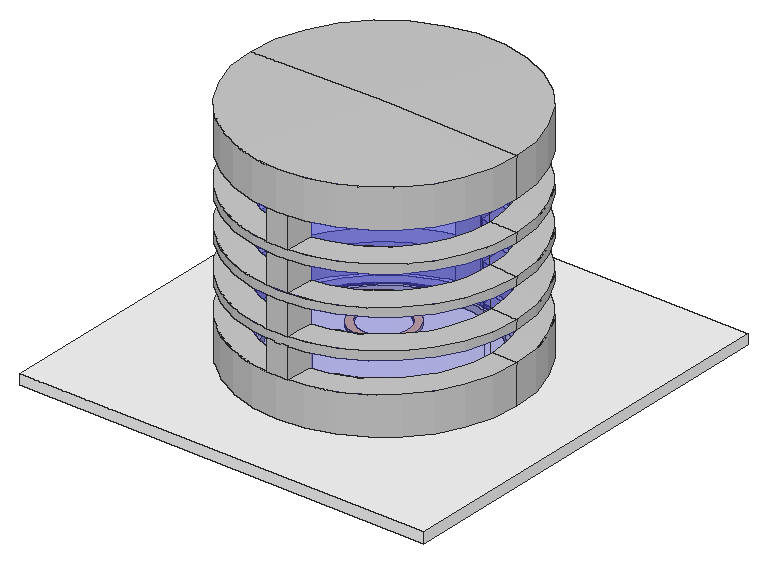
Revit family "BE_99777_de_DE", category Leuchten, Revit 2015
Parameters (values of type "BEGA_99777_Silber_K3")
  built-in parameter 1150104 = 12.482 (stored number, unit not read)
  Werkzeuglos = ""
  Wattage = 29.4 W
  Default Elevation = 0 mm
  built-in parameter 1150113 = 1 (stored number, unit not read)
  built-in parameter 1114218 = 1 (stored number, unit not read)
  Umgebungstemperatur = "25 °C"
  URL = "http://www.bega.de/produkt/99777"
  Typenkommentare = "© 2015 BEGA. Wir behalten uns das Recht vor, technische Änderungen ohne vorherige Ankündigung vorzunehmen."  # constant formula
  Type Image = 99777.png
  built-in parameter 1150134 = (empty or 0)
  built-in parameter 1150109 = 1 (stored number, unit not read)
  Strom = ""
  built-in parameter 1150110 = 1 (stored number, unit not read)
  Spannung = 0 V
  Sonderanfertigung = no
  Seriennummer [instance] = "Hier können Sie die eindeutige Seriennummer für das Facility Management eintragen."
  Schutzklasse = "I"
  Schutzart = "IP 65"
  Scheinlast = 0 VA
  Produktdatenblatt = "http://www.bega.de/download/datenblaetter/de/99777.pdf"
  Oberflächentemperatur = ""
  Neigungswinkel = 0.00°
  Modell = "99777A"
  Material_18 = BEGA_Gummi_schwarz
  Material_17 = BEGA_Reflektor
  Material_15 = BEGA_Leuchtmedium_matt
  Material_11 = BEGA_Glas_opal
  Material_06 = BEGA_Oberfläche_Edelstahl_gebürstet
  Material_02 = BEGA_Oberfläche_Silber_matt
  Material_01 [instance] = BEGA_Oberfläche_Grafit_matt
  M_G = no
  M_A = yes
  Logo = 0
  built-in parameter 1114217 = 1 (stored number, unit not read)
  built-in parameter 1150139 = (empty or 0)
  built-in parameter 1150105 = 314.32 (stored number, unit not read)
  built-in parameter 1150114 = 1 (stored number, unit not read)
  Lumens = 3949.89 lm
  built-in parameter 1150115 = 1 (stored number, unit not read)
  Leuchtenlichtstrom = "768 lm"
  Leuchtenanzahl = ""
  Lebensdauerkriterien = "L70 = 50.000 h"
  Lastklassifizierung = Beleuchtung
  built-in parameter 1150112 = 1 (stored number, unit not read)
  Lampenlichtstrom = "3950 lm"
  Lampe = "LED 29.4 W"
  LED_Modulbezeichnung = "LED-0556/830"
  built-in parameter 1150142 = (empty or 0)
  Hersteller = "BEGA"  # constant formula
  Gewicht = ""
  Gebrauchslageneinschränkung [instance] = ""
  Frequenz = "0/50-60 Hz"
  Farbwiedergabeindex = "Ra > 80"
  Farbtemperaturverschiebung bei Dämpfen der Lampe = <Keine Auswahl>
  Farbtemperatur = "3000 K"
  Color Filter = 16777215
  built-in parameter 1150133 = 10 (stored number, unit not read)
  Energieeffizienzklasse = "LED A++ - A"
  built-in parameter 1150137 = (empty or 0)
  built-in parameter 1150132 = (empty or 0)
  ENEC = ""
  Datei für fotometrisches Netz = "BE_99777.IES"
  CE_Konformität = "ja"
  Bestellnummer = "99777A"
  Beschreibung_Sonderanfertigung = "Hier können Sie Informationen zur Sonderanfertigung eintragen."
  Beschreibung = "Pollerleuchtenkopf"
  built-in parameter 1150106 = 3.1432 (stored number, unit not read)
  BEGA_Intern_aus = yes
  BEGA_Intern_an = yes
  BEGA_Intern_Konstruktion = yes
  BEGA_Intern = yes
  BEGA_IES = yes
  BEGA_Dummy = no
  Anschlussleistung [instance] = "1.0 m X05BQ-F 5 G 1²"
  built-in parameter 1150107 = 3000 (stored number, unit not read)
  built-in parameter 1150102 = (empty or 0)
  built-in parameter 1150138 = (empty or 0)
  Aktualisierung = "2015-12-08T04:08:23"
  AC/DC = "AC/DC"
Types (5, lengths in mm): name | built-in parameter 1150134 | Modell | M_G | M_A | LED_Modulbezeichnung | Farbtemperatur | Datei für fotometrisches Netz | Bestellnummer | built-in parameter 1150107
  (no name) | (empty or 0) | "99777A" | no | yes | "LED-0556/830" | "3000 K" | "BE_99777.IES" | "99777A" | 3000 (stored number, unit not read)
  BEGA_99777_Silber_K4 | 12 | "99777AK4" | no | yes | "LED-0556/840" | "4000 K" | "BE_99777K4.IES" | "99777AK4" | 4000 (stored number, unit not read)
  BEGA_99777_Grafit_K4 | 12 | "99777K4" | yes | no | "LED-0556/840" | "4000 K" | "BE_99777K4.IES" | "99777K4" | 4000 (stored number, unit not read)
  BEGA_99777_Silber_K3 | (empty or 0) | "99777A" | no | yes | "LED-0556/830" | "3000 K" | "BE_99777.IES" | "99777A" | 3000 (stored number, unit not read)
  BEGA_99777_Grafit_K3 | (empty or 0) | "99777" | yes | no | "LED-0556/830" | "3000 K" | "BE_99777.IES" | "99777" | 3000 (stored number, unit not read)
Reference planes
  plane 1 "Mitte (Vorne/Hinten)": y = 0
  plane 2: z = 0
  plane 3 "Mitte (Links/Rechts)": x = 0
  plane 4 "Links": x = -132
  plane 5 "Rechts": x = 132
  plane 6 "Unten": y = -132.003
  plane 7 "Oben": y = 132
  plane 8 "Vorne": z = 225
  plane 9 "Hinten": z = -133.75
Forms (mm)
  Extrusion 1, solid, material "BEGA_Platte_Weiss"
    sketch origin (0, -1119.2, 0) x (1, 0, 0) y (0, 1, 0)
      loop
        line (-200, 1319.2) -> (-200, 919.2) -> (200, 919.2) -> (200, 1319.2) -> (-200, 1319.2)
    from 0 to -10
  Extrusion 2, solid, material "BEGA_Dummy_matt", visible <- "BEGA_Dummy"
    sketch origin (77.149, -76.023, 0) x (1, 0, 0) y (0, 1, 0)
      loop
        circle (-77.149, 76.023) r 132.029
    from -133.75 to 224.104
Dimensions and locks
  plane 1 "Mitte (Vorne/Hinten)" to Extrusion 1 = 200 mm
  aligned and locked: plane 2 to Extrusion 1
  aligned and locked: level to Extrusion 1
Nested families
  nested 1: "BE_99777_Pollerkopf" at (0, 0, 0), type "BE_99777_Pollerkopf"
    with BEGA_Infotext_Winkel no
Connectors
  electrical at (0, 0, 0), driven by "Lastklassifizierung", driven by "Spannung", driven by "Scheinlast"
    settings: index 1, voltage 0 V, apparent load 0 VA, apparent load phase1 0 VA, apparent load phase2 0 VA, apparent load phase3 0 VA, power factor 1, load classification "Beleuchtung", number of poles 1, system type 31, power factor state 1, is connector primary yes, connector utility no, sub classification motor no, connector description ""
Definition of nested family "BE_99777_Pollerkopf"
  Parameters (values of type "BE_99777_Pollerkopf")
    Default Elevation = 1 mm
    URL = "http://www.bega.de/de/produkt"
    Type Comments = "© 2015 BEGA. Wir behalten uns das Recht vor, technische Änderungen ohne vorherige Ankündigung vorzunehmen. "  # constant formula
    Type Image = Bega_Revit_Typenbild_78x78.png
    Material_18 = none
    Material_15 = none
    Material_11 = none
    Material_02 = none
    Material_01 = none
    M_G = yes
    M_A = yes
    Länge_Platte = 300 mm  # constant formula
    Höhe_Platte = -10 mm  # constant formula
    Manufacturer = "BEGA"  # constant formula
    Breite_Platte = 300 mm  # constant formula
    BEGA_Infotext_Winkel [instance] = no
    Aktualisierung = "Stand: 25.03.2015"  # constant formula
  Reference planes
    plane 1 "Mitte (Oben/Unten)": y = 0
    plane 2: z = 0
    plane 3 "Mitte (Links/Rechts)": x = 0
    plane 4: x = -132
    plane 5: x = 132
    plane 6: z = 224.104
    plane 7: y = -132.003
    plane 8: y = 132
    plane 9: z = -133.75
  Forms (mm)
    Extrusion 1, solid, detail levels medium
      sketch origin (0, 0, 0) x (1, 0, 0) y (0, 1, 0)
        loop
          line (-150, 150) -> (-150, -150) -> (150, -150) -> (150, 150) -> (-150, 150)
      from 0 to -10 <- "Höhe_Platte"
    Revolve 2, solid, material <- "Material_01", visible <- "M_G", detail levels medium+fine
      sketch origin (0, 0, 0) x (1, 0, 0) y (0, 0, 1)
        loop
          line (0, 223.804) -> (-132, 221.5) -> (-132, 183.5) -> (-105.376, 182.57) -> (-105.055, 205.556)
          arc (-105.055, 205.556) -> (-103.865, 208.347) -> (-101.058, 209.5) r 4
          line (-101.058, 209.5) -> (-86.85, 209.5) -> (-86.675, 214.5) -> (0, 214.5) -> (0, 223.804)
        loop
          line (-105.769, 154.416) -> (-132, 153.5) -> (-132, 145) -> (-105.913, 144.089) -> (-105.769, 154.416)
        loop
          line (-106.307, 115.897) -> (-132, 115) -> (-132, 106.5) -> (-106.451, 105.608) -> (-106.307, 115.897)
        loop
          line (-106.845, 77.378) -> (-132, 76.5) -> (-132, 68) -> (-106.988, 67.127) -> (-106.845, 77.378)
        loop
          line (-107.383, 38.86) -> (-132, 38) -> (-132, 0) -> (-128, 0) -> (-126.848, 33) -> (-107.465, 33) -> (-107.383, 38.86)
        axis (0, 223.804) -> (0, 0)
      angle from 0 to 360
    Extrusion 3, solid, material <- "Material_01", visible <- "M_G", detail levels medium+fine
      sketch origin (0, 0, 0) x (1, 0, 0) y (0, 1, 0)
        loop
          line (-10, 131.621) -> (-12.338, 104.897)
          arc (-12.338, 104.897) -> (0, 105.62) -> (12.338, 104.897) r 105.62
          line (12.338, 104.897) -> (10, 131.621)
          arc (10, 131.621) -> (0, 132) -> (-10, 131.621) r 132
        loop
          arc (-10, -131.621) -> (0, -132) -> (10, -131.621) r 132
          line (10, -131.621) -> (12.338, -104.897)
          arc (12.338, -104.897) -> (0, -105.62) -> (-12.338, -104.897) r 105.62
          line (-12.338, -104.897) -> (-10, -131.621)
      from 0 to 183.5
    Revolve 4, solid, material <- "Material_11", detail levels medium+fine
      sketch origin (0, 0, 0) x (1, 0, 0) y (0, 0, 1)
        loop
          arc (-95.929, 196.648) -> (-94.123, 200.793) -> (-89.936, 202.5) r 6
          line (-89.936, 202.5) -> (0, 202.5) -> (0, 208.5) -> (-100.465, 208.5)
          arc (-100.465, 208.5) -> (-102.568, 207.64) -> (-103.464, 205.552) r 3
          line (-103.464, 205.552) -> (-107, 3) -> (-101, 3) -> (-95.929, 196.648)
        axis (0, 208.5) -> (0, 3)
      angle from 0 to 360
    Revolve 5, solid, material <- "Material_01", visible <- "M_G", detail levels medium+fine
      sketch origin (0, 0, 0) x (1, 0, 0) y (0, 0, 1)
        loop
          line (-116.636, -33) -> (-113.865, -30.229) -> (-113.693, -25.5) -> (-98.202, -25.5) -> (-97.592, -42.946)
          arc (-97.592, -42.946) -> (-97.273, -43.969) -> (-96.471, -44.681) r 2
          line (-96.471, -44.681) -> (-92.729, -46.5) -> (-89.105, -46.5)
          arc (-89.105, -46.5) -> (-88.411, -46.22) -> (-88.106, -45.537) r 1
          line (-88.106, -45.537) -> (-88.034, -43.464)
          arc (-88.034, -43.464) -> (-87.729, -42.78) -> (-87.034, -42.5) r 1
          line (-87.034, -42.5) -> (-33.611, -42.5) -> (-32.5, -55.2) -> (-29.5, -55.2) -> (-28.389, -42.5) -> (-6, -42.5) -> (-6, -38) -> (-93.163, -38)
          arc (-93.163, -38) -> (-93.857, -37.72) -> (-94.162, -37.036) r 1
          line (-94.162, -37.036) -> (-95.7, 7) -> (-98.621, 7) -> (-98.9, -1) -> (-108, -1) -> (-108.105, 2) -> (-121, 2) -> (-121, -8) -> (-117.5, -8) -> (-117.5, -27.5) -> (-120.5, -30.5) -> (-120.5, -33) -> (-116.636, -33)
        axis (0, 7) -> (0, -55.2)
      angle from 0 to 360
    Revolve 6, solid, material <- "Material_01", visible <- "M_G", detail levels medium+fine
      sketch origin (0, 0, 0) x (1, 0, 0) y (0, 0, 1)
        loop
          line (-33.8, -59.2) -> (-29.3, -59.2) -> (-28.596, -99.544)
          arc (-28.596, -99.544) -> (-27.848, -101.283) -> (-26.096, -102) r 2.5
          line (-26.096, -102) -> (-12.587, -102) -> (-12.5, -107) -> (-7.691, -107) -> (-7.6, -100.2) -> (-24.749, -100.2)
          arc (-24.749, -100.2) -> (-26.151, -99.627) -> (-26.749, -98.235) r 2
          line (-26.749, -98.235) -> (-27.5, -55.2) -> (-33.87, -55.2) -> (-33.8, -59.2)
        axis (0, -55.2) -> (0, -107)
      angle from 0 to 360
    Revolve 7, solid, material <- "Material_18", detail levels medium+fine
      sketch origin (0, 0, 0) x (1, 0, 0) y (0, 0, 1)
        loop
          line (0, -133.75) -> (0, -102) -> (-6.93, -102) -> (-6.93, -107.75) -> (-9.5, -107.75) -> (-9.5, -112.75) -> (-7.6, -112.75) -> (-7.6, -118.25) -> (-9.5, -118.25) -> (-9.5, -128.154) -> (-9.197, -129.55)
          arc (-9.197, -129.55) -> (-7.967, -132.52) -> (-4.997, -133.75) r 4.2
          line (-4.997, -133.75) -> (0, -133.75)
        axis (0, -102) -> (0, -133.75)
      angle from 0 to 360
    Extrusion 8, solid, material <- "Material_15", detail levels medium+fine
      sketch origin (0, 0, 0) x (1, 0, 0) y (0, 1, 0)
        loop
          circle (0, 0) r 30.5
        loop
          circle (0, 0) r 23.629
      from 27 to 29.32
    Revolve 9, solid, material <- "Material_02", visible <- "M_A", detail levels medium+fine
      sketch origin (0, 0, 0) x (1, 0, 0) y (0, 0, 1)
        loop
          line (0, 223.804) -> (-132, 221.5) -> (-132, 183.5) -> (-105.376, 182.57) -> (-105.055, 205.556)
          arc (-105.055, 205.556) -> (-103.865, 208.347) -> (-101.058, 209.5) r 4
          line (-101.058, 209.5) -> (-86.85, 209.5) -> (-86.675, 214.5) -> (0, 214.5) -> (0, 223.804)
        loop
          line (-105.769, 154.416) -> (-132, 153.5) -> (-132, 145) -> (-105.913, 144.089) -> (-105.769, 154.416)
        loop
          line (-106.307, 115.897) -> (-132, 115) -> (-132, 106.5) -> (-106.451, 105.608) -> (-106.307, 115.897)
        loop
          line (-106.845, 77.378) -> (-132, 76.5) -> (-132, 68) -> (-106.988, 67.127) -> (-106.845, 77.378)
        loop
          line (-107.383, 38.86) -> (-132, 38) -> (-132, 0) -> (-128, 0) -> (-126.848, 33) -> (-107.465, 33) -> (-107.383, 38.86)
        axis (0, 223.804) -> (0, 0)
      angle from 0 to 360
    Extrusion 10, solid, material <- "Material_02", visible <- "M_A", detail levels medium+fine
      sketch origin (0, 0, 0) x (1, 0, 0) y (0, 1, 0)
        loop
          line (-10, 131.621) -> (-12.338, 104.897)
          arc (-12.338, 104.897) -> (0, 105.62) -> (12.338, 104.897) r 105.62
          line (12.338, 104.897) -> (10, 131.621)
          arc (10, 131.621) -> (0, 132) -> (-10, 131.621) r 132
        loop
          arc (-10, -131.621) -> (0, -132) -> (10, -131.621) r 132
          line (10, -131.621) -> (12.338, -104.897)
          arc (12.338, -104.897) -> (0, -105.62) -> (-12.338, -104.897) r 105.62
          line (-12.338, -104.897) -> (-10, -131.621)
      from 0 to 183.5
    Revolve 11, solid, material <- "Material_02", visible <- "M_A", detail levels medium+fine
      sketch origin (0, 0, 0) x (1, 0, 0) y (0, 0, 1)
        loop
          line (-116.636, -33) -> (-113.865, -30.229) -> (-113.693, -25.5) -> (-98.202, -25.5) -> (-97.592, -42.946)
          arc (-97.592, -42.946) -> (-97.273, -43.969) -> (-96.471, -44.681) r 2
          line (-96.471, -44.681) -> (-92.729, -46.5) -> (-89.105, -46.5)
          arc (-89.105, -46.5) -> (-88.411, -46.22) -> (-88.106, -45.537) r 1
          line (-88.106, -45.537) -> (-88.034, -43.464)
          arc (-88.034, -43.464) -> (-87.729, -42.78) -> (-87.034, -42.5) r 1
          line (-87.034, -42.5) -> (-33.611, -42.5) -> (-32.5, -55.2) -> (-29.5, -55.2) -> (-28.389, -42.5) -> (-6, -42.5) -> (-6, -38) -> (-93.163, -38)
          arc (-93.163, -38) -> (-93.857, -37.72) -> (-94.162, -37.036) r 1
          line (-94.162, -37.036) -> (-95.7, 7) -> (-98.621, 7) -> (-98.9, -1) -> (-108, -1) -> (-108.105, 2) -> (-121, 2) -> (-121, -8) -> (-117.5, -8) -> (-117.5, -27.5) -> (-120.5, -30.5) -> (-120.5, -33) -> (-116.636, -33)
        axis (0, 7) -> (0, -55.2)
      angle from 0 to 360
    Revolve 12, solid, material <- "Material_02", visible <- "M_A", detail levels medium+fine
      sketch origin (0, 0, 0) x (1, 0, 0) y (0, 0, 1)
        loop
          line (-33.8, -59.2) -> (-29.3, -59.2) -> (-28.596, -99.544)
          arc (-28.596, -99.544) -> (-27.848, -101.283) -> (-26.096, -102) r 2.5
          line (-26.096, -102) -> (-12.587, -102) -> (-12.5, -107) -> (-7.691, -107) -> (-7.6, -100.2) -> (-24.749, -100.2)
          arc (-24.749, -100.2) -> (-26.151, -99.627) -> (-26.749, -98.235) r 2
          line (-26.749, -98.235) -> (-27.5, -55.2) -> (-33.87, -55.2) -> (-33.8, -59.2)
        axis (0, -55.2) -> (0, -107)
      angle from 0 to 360
  Cuts and joins
    joined: Revolve 2, Extrusion 3
    joined: Revolve 9, Extrusion 10
  Dimensions and locks
    equal spacing: Extrusion 1 sketch curve, plane 3 "Mitte (Links/Rechts)", Extrusion 1 sketch curve
    equal spacing: Extrusion 1 sketch curve, plane 1 "Mitte (Oben/Unten)", Extrusion 1 sketch curve
    "Länge_Platte": Extrusion 1 sketch curve to Extrusion 1 sketch curve
    "Breite_Platte": Extrusion 1 sketch curve to Extrusion 1 sketch curve
    plane 1 "Mitte (Oben/Unten)" to Extrusion 1 = 150 mm  (x3)
    aligned and locked: Extrusion 1 to plane 2
    aligned and locked: level to Extrusion 1
  Automatic sketch dimensions
    Revolve 2 sketch curve to Revolve 2 sketch curve = 26.624 mm
    Revolve 2 sketch curve to Revolve 2 sketch curve = 0.321 mm
    Revolve 2 sketch curve to Revolve 2 sketch curve = 4 mm  (x2)
    Revolve 2 sketch curve to Revolve 2 sketch curve = 0.056 mm
    Revolve 2 sketch curve to Revolve 2 sketch curve = 0.003 mm
    Revolve 2 sketch curve to Revolve 2 sketch curve = 14.208 mm
    Revolve 2 sketch curve to plane 3 "Mitte (Links/Rechts)" = 0 mm  (x2)
    Revolve 2 sketch curve to Revolve 2 sketch curve = 0.537 mm  (x3)
    Revolve 2 sketch curve to Revolve 2 sketch curve = 0.144 mm  (x2)
    Revolve 2 sketch curve to Revolve 2 sketch curve = 10.327 mm
    Revolve 2 sketch curve to Revolve 2 sketch curve = 26.231 mm
    Revolve 2 sketch curve to Revolve 2 sketch curve = 0.175 mm
    Revolve 2 sketch curve to Revolve 2 sketch curve = 0.916 mm
    Revolve 2 sketch curve to Revolve 2 sketch curve = 8.5 mm  (x3)
    Revolve 2 sketch curve to Revolve 2 sketch curve = 38.481 mm  (x2)
    Revolve 2 sketch curve to Revolve 2 sketch curve = 10.289 mm
    Revolve 2 sketch curve to Revolve 2 sketch curve = 25.693 mm
    Revolve 2 sketch curve to Revolve 2 sketch curve = 0.892 mm
    Revolve 2 sketch curve to Revolve 2 sketch curve = 0.143 mm
    Revolve 2 sketch curve to Revolve 2 sketch curve = 10.252 mm
    Revolve 2 sketch curve to Revolve 2 sketch curve = 25.155 mm
    Revolve 2 sketch curve to Revolve 2 sketch curve = 0.873 mm
    Revolve 2 sketch curve to Revolve 2 sketch curve = 0 mm
    level to Revolve 2 sketch curve = 38.86 mm
    Revolve 2 sketch curve to Revolve 2 sketch curve = 24.617 mm
    Revolve 2 sketch curve to Revolve 2 sketch curve = 0.86 mm
    level to Revolve 2 sketch curve = 33 mm
    Revolve 2 sketch curve to Revolve 2 sketch curve = 5.152 mm
    Revolve 2 sketch curve to Revolve 2 sketch curve = 0.082 mm
    Revolve 2 sketch curve to level = 0 mm
    plane 1 "Mitte (Oben/Unten)" to Extrusion 3 sketch curve = 0 mm
    Extrusion 3 sketch curve to plane 3 "Mitte (Links/Rechts)" = 0 mm
    Extrusion 3 sketch curve to plane 3 "Mitte (Links/Rechts)" = 10 mm  (x2)
    plane 3 "Mitte (Links/Rechts)" to Extrusion 3 sketch curve = 10 mm  (x2)
    Extrusion 3 sketch curve to plane 3 "Mitte (Links/Rechts)" = 12.338 mm  (x2)
    plane 3 "Mitte (Links/Rechts)" to Extrusion 3 sketch curve = 12.338 mm  (x2)
    Extrusion 3 sketch curve to Extrusion 3 sketch curve = 26.723 mm  (x2)
    Extrusion 3 sketch curve to Extrusion 3 sketch curve = 0 mm  (x6)
    Revolve 4 sketch curve to Revolve 4 sketch curve = 3 mm
    Revolve 4 sketch curve to Revolve 4 sketch curve = 0.052 mm
    level to Revolve 4 sketch curve = 3 mm
    Revolve 4 sketch curve to Revolve 4 sketch curve = 6 mm  (x2)
    Revolve 4 sketch curve to Revolve 4 sketch curve = 0 mm  (x2)
    Revolve 4 sketch curve to Revolve 4 sketch curve = 4.536 mm
    Revolve 4 sketch curve to Revolve 4 sketch curve = 5.998 mm
    Revolve 4 sketch curve to Revolve 4 sketch curve = 0.005 mm
    Revolve 4 sketch curve to plane 3 "Mitte (Links/Rechts)" = 0 mm  (x2)
    Revolve 5 sketch curve to level = 42.946 mm
    Revolve 5 sketch curve to plane 3 "Mitte (Links/Rechts)" = 97.592 mm
    Revolve 5 sketch curve to level = 44.681 mm
    Revolve 5 sketch curve to Revolve 5 sketch curve = 1.121 mm
    Revolve 5 sketch curve to Revolve 5 sketch curve = 1.999 mm
    Revolve 5 sketch curve to level = 25.5 mm
    Revolve 5 sketch curve to Revolve 5 sketch curve = 0.609 mm
    Revolve 5 sketch curve to Revolve 5 sketch curve = 15.492 mm
    Revolve 5 sketch curve to level = 30.229 mm
    Revolve 5 sketch curve to Revolve 5 sketch curve = 0.171 mm
    Revolve 5 sketch curve to Revolve 5 sketch curve = 2.771 mm
    Revolve 5 sketch curve to Revolve 5 sketch curve = 3.807 mm
    Revolve 5 sketch curve to level = 27.5 mm
    Revolve 5 sketch curve to Revolve 5 sketch curve = 3.864 mm
    Revolve 5 sketch curve to level = 30.5 mm
    level to Revolve 5 sketch curve = 7 mm
    Revolve 5 sketch curve to Revolve 5 sketch curve = 21.8 mm
    Revolve 5 sketch curve to level = 37.036 mm
    Revolve 5 sketch curve to Revolve 5 sketch curve = 1.431 mm
    Revolve 5 sketch curve to Revolve 5 sketch curve = 3.743 mm
    Revolve 5 sketch curve to Revolve 5 sketch curve = 2.5 mm
    Revolve 5 sketch curve to level = 8 mm
    Revolve 5 sketch curve to Revolve 5 sketch curve = 0.999 mm  (x3)
    Revolve 5 sketch curve to Revolve 5 sketch curve = 0.036 mm  (x2)
    Revolve 5 sketch curve to plane 3 "Mitte (Links/Rechts)" = 6 mm
    Revolve 5 sketch curve to Revolve 5 sketch curve = 4.695 mm
    Revolve 5 sketch curve to Revolve 5 sketch curve = 0.072 mm
    Revolve 5 sketch curve to Revolve 5 sketch curve = 27.611 mm
    Revolve 5 sketch curve to Revolve 5 sketch curve = 2.072 mm
    Revolve 5 sketch curve to Revolve 5 sketch curve = 0.037 mm
    Revolve 5 sketch curve to Revolve 5 sketch curve = 1.111 mm
    Revolve 5 sketch curve to Revolve 5 sketch curve = 3 mm
    Revolve 5 sketch curve to Revolve 5 sketch curve = 5.222 mm
    Revolve 5 sketch curve to Revolve 5 sketch curve = 12.7 mm
    Revolve 5 sketch curve to Revolve 5 sketch curve = 0 mm
    Revolve 5 sketch curve to Revolve 5 sketch curve = 4.5 mm
    level to Revolve 5 sketch curve = 2 mm
    Revolve 5 sketch curve to Revolve 5 sketch curve = 12.405 mm
    Revolve 5 sketch curve to level = 1 mm
    Revolve 5 sketch curve to Revolve 5 sketch curve = 0.105 mm
    Revolve 5 sketch curve to Revolve 5 sketch curve = 3.2 mm
    Revolve 5 sketch curve to Revolve 5 sketch curve = 2.921 mm
    Revolve 5 sketch curve to Revolve 5 sketch curve = 3.5 mm
    Revolve 6 sketch curve to plane 3 "Mitte (Links/Rechts)" = 33.87 mm
    Revolve 6 sketch curve to Revolve 6 sketch curve = 0.07 mm
    Revolve 6 sketch curve to plane 3 "Mitte (Links/Rechts)" = 26.749 mm
    Revolve 6 sketch curve to Revolve 6 sketch curve = 0.653 mm
    Revolve 6 sketch curve to Revolve 6 sketch curve = 1.347 mm  (x2)
    Revolve 6 sketch curve to Revolve 6 sketch curve = 4.5 mm
    Revolve 6 sketch curve to Revolve 6 sketch curve = 1.847 mm
    Revolve 6 sketch curve to Revolve 6 sketch curve = 0 mm  (x7)
    Revolve 6 sketch curve to Revolve 6 sketch curve = 1.8 mm  (x2)
    Revolve 6 sketch curve to Revolve 6 sketch curve = 4 mm
    Revolve 6 sketch curve to Revolve 6 sketch curve = 12.162 mm
    Revolve 6 sketch curve to Revolve 6 sketch curve = 0.087 mm
    Revolve 6 sketch curve to Revolve 6 sketch curve = 4.809 mm
    Revolve 6 sketch curve to Revolve 6 sketch curve = 4.987 mm
    Revolve 6 sketch curve to Revolve 6 sketch curve = 5 mm
    Revolve 2 sketch curve to Revolve 2 sketch curve = 28.267 mm
    Revolve 2 sketch curve to Revolve 2 sketch curve = 28.154 mm
    Revolve 2 sketch curve to Revolve 2 sketch curve = 0.93 mm
    Revolve 2 sketch curve to Revolve 2 sketch curve = 22.93 mm
    Revolve 2 sketch curve to Revolve 2 sketch curve = 5 mm
    Revolve 2 sketch curve to Revolve 2 sketch curve = 15.944 mm
    Revolve 2 sketch curve to Revolve 2 sketch curve = 9.304 mm
    Revolve 2 sketch curve to Revolve 2 sketch curve = 2385.254 mm
    Revolve 4 sketch curve to Revolve 4 sketch curve = 193.5 mm
    Revolve 4 sketch curve to Revolve 4 sketch curve = 0.148 mm
    Revolve 4 sketch curve to Revolve 4 sketch curve = 8.852 mm
    Revolve 4 sketch curve to Revolve 4 sketch curve = 2400.558 mm
    Revolve 2 sketch curve to plane 3 "Mitte (Links/Rechts)" = 86.675 mm
    Revolve 4 sketch curve to plane 3 "Mitte (Links/Rechts)" = 89.931 mm
    Revolve 4 sketch curve to plane 3 "Mitte (Links/Rechts)" = 101 mm
    Extrusion 3 sketch curve to plane 1 "Mitte (Oben/Unten)" = 104.897 mm
    plane 1 "Mitte (Oben/Unten)" to Extrusion 3 sketch curve = 104.897 mm
    Revolve 2 sketch curve to level = 609.6 mm
    Revolve 4 sketch curve to level = 609.6 mm
    Revolve 6 sketch curve to plane 3 "Mitte (Links/Rechts)" = 0 mm
    Revolve 6 sketch curve to level = 107 mm
    Revolve 6 sketch curve to Revolve 6 sketch curve = 0.7 mm
    Revolve 6 sketch curve to Revolve 6 sketch curve = 1.265 mm
    Revolve 6 sketch curve to Revolve 6 sketch curve = 39.035 mm
    Revolve 6 sketch curve to Revolve 6 sketch curve = 502.6 mm
    plane 6 to Revolve 6 sketch curve = 2384.954 mm
    Revolve 7 sketch curve to plane 9 = 0 mm
    Revolve 7 sketch curve to plane 3 "Mitte (Links/Rechts)" = 0 mm  (x2)
    Revolve 7 sketch curve to plane 3 "Mitte (Links/Rechts)" = 4.997 mm
    Revolve 7 sketch curve to Revolve 7 sketch curve = 6.93 mm
    Revolve 7 sketch curve to Revolve 7 sketch curve = 0.67 mm
    plane 9 to Revolve 7 sketch curve = 4.2 mm
    Revolve 7 sketch curve to Revolve 7 sketch curve = 4.2 mm
    Revolve 7 sketch curve to Revolve 7 sketch curve = 1.9 mm  (x2)
    Revolve 7 sketch curve to Revolve 7 sketch curve = 0 mm  (x3)
    Revolve 7 sketch curve to Revolve 7 sketch curve = 1.396 mm
    Revolve 7 sketch curve to Revolve 7 sketch curve = 9.904 mm
    Revolve 7 sketch curve to Revolve 7 sketch curve = 5.5 mm
    Revolve 7 sketch curve to Revolve 7 sketch curve = 5 mm
    Revolve 7 sketch curve to Revolve 7 sketch curve = 5.75 mm
    Revolve 7 sketch curve to Revolve 7 sketch curve = 475.85 mm
    plane 6 to Revolve 7 sketch curve = 2384.954 mm
    Extrusion 8 sketch curve to Extrusion 8 sketch curve = 0 mm  (x2)
    plane 1 "Mitte (Oben/Unten)" to Extrusion 8 sketch curve = 0 mm
    Extrusion 8 sketch curve to plane 3 "Mitte (Links/Rechts)" = 0 mm
    plane 4 to Revolve 9 sketch curve = 0 mm  (x5)
    Revolve 9 sketch curve to level = 0 mm
    Revolve 9 sketch curve to plane 3 "Mitte (Links/Rechts)" = 0 mm  (x2)
    Revolve 9 sketch curve to Revolve 9 sketch curve = 4 mm  (x2)
    Revolve 9 sketch curve to plane 4 = 5.152 mm
    Revolve 9 sketch curve to Revolve 9 sketch curve = 19.383 mm
    Revolve 9 sketch curve to Revolve 9 sketch curve = 0.082 mm
    Revolve 9 sketch curve to plane 4 = 25.012 mm
    Revolve 9 sketch curve to Revolve 9 sketch curve = 0.143 mm
    Revolve 9 sketch curve to plane 4 = 25.549 mm
    Revolve 9 sketch curve to Revolve 9 sketch curve = 0.144 mm  (x2)
    Revolve 9 sketch curve to plane 4 = 26.087 mm
    Revolve 9 sketch curve to plane 4 = 26.624 mm
    Revolve 9 sketch curve to Revolve 9 sketch curve = 0.321 mm
    Revolve 9 sketch curve to Revolve 9 sketch curve = 3.997 mm
    Revolve 9 sketch curve to Revolve 9 sketch curve = 14.208 mm
    Revolve 9 sketch curve to Revolve 9 sketch curve = 0.175 mm
    level to Revolve 9 sketch curve = 33 mm
    Revolve 9 sketch curve to Revolve 9 sketch curve = 5 mm
    Revolve 9 sketch curve to Revolve 9 sketch curve = 5.86 mm
    Revolve 9 sketch curve to Revolve 9 sketch curve = 28.267 mm
    Revolve 9 sketch curve to Revolve 9 sketch curve = 0.873 mm
    Revolve 9 sketch curve to Revolve 9 sketch curve = 8.5 mm  (x3)
    Revolve 9 sketch curve to Revolve 9 sketch curve = 10.252 mm
    Revolve 9 sketch curve to Revolve 9 sketch curve = 28.229 mm
    Revolve 9 sketch curve to Revolve 9 sketch curve = 0.892 mm
    Revolve 9 sketch curve to Revolve 9 sketch curve = 10.289 mm
    Revolve 9 sketch curve to Revolve 9 sketch curve = 28.192 mm
    Revolve 9 sketch curve to Revolve 9 sketch curve = 0.911 mm
    Revolve 9 sketch curve to Revolve 9 sketch curve = 10.327 mm
    Revolve 9 sketch curve to Revolve 9 sketch curve = 28.154 mm
    Revolve 9 sketch curve to Revolve 9 sketch curve = 0.93 mm
    Revolve 9 sketch curve to plane 6 = 18.604 mm
    Revolve 9 sketch curve to Revolve 9 sketch curve = 0.056 mm
    Revolve 9 sketch curve to plane 6 = 9.604 mm
    Revolve 9 sketch curve to plane 6 = 2.604 mm
    Revolve 9 sketch curve to plane 6 = 0.3 mm
    Revolve 9 sketch curve to plane 9 = 475.85 mm
    plane 6 to Revolve 9 sketch curve = 2384.954 mm
    Extrusion 10 sketch curve to Extrusion 10 sketch curve = 0 mm  (x12)
    plane 1 "Mitte (Oben/Unten)" to Extrusion 10 sketch curve = 0 mm
    Extrusion 10 sketch curve to plane 3 "Mitte (Links/Rechts)" = 0 mm
    plane 7 to Extrusion 10 sketch curve = 0.382 mm  (x2)
    Extrusion 10 sketch curve to plane 3 "Mitte (Links/Rechts)" = 10 mm  (x2)
    plane 8 to Extrusion 10 sketch curve = 0.379 mm  (x2)
    Extrusion 10 sketch curve to plane 3 "Mitte (Links/Rechts)" = 12.338 mm  (x2)
    plane 3 "Mitte (Links/Rechts)" to Extrusion 10 sketch curve = 12.338 mm  (x2)
    Extrusion 10 sketch curve to Extrusion 10 sketch curve = 26.723 mm  (x2)
    plane 3 "Mitte (Links/Rechts)" to Revolve 11 sketch curve = 0 mm
    Revolve 11 sketch curve to plane 3 "Mitte (Links/Rechts)" = 6 mm
    Revolve 11 sketch curve to Revolve 11 sketch curve = 22.389 mm
    Revolve 11 sketch curve to Revolve 11 sketch curve = 1.111 mm
    Revolve 11 sketch curve to Revolve 11 sketch curve = 3 mm  (x3)
    Revolve 11 sketch curve to Revolve 11 sketch curve = 5.222 mm
    Revolve 11 sketch curve to plane 4 = 44.966 mm
    Revolve 11 sketch curve to Revolve 11 sketch curve = 0.999 mm  (x3)
    Revolve 11 sketch curve to Revolve 11 sketch curve = 0.072 mm
    Revolve 11 sketch curve to Revolve 11 sketch curve = 3.623 mm
    Revolve 11 sketch curve to Revolve 11 sketch curve = 5.129 mm
    Revolve 11 sketch curve to Revolve 11 sketch curve = 2.865 mm
    level to Revolve 11 sketch curve = 7 mm
    Revolve 11 sketch curve to plane 4 = 36.3 mm
    Revolve 11 sketch curve to Revolve 11 sketch curve = 0.878 mm
    Revolve 11 sketch curve to Revolve 11 sketch curve = 1.999 mm
    Revolve 11 sketch curve to Revolve 11 sketch curve = 4.039 mm
    Revolve 11 sketch curve to Revolve 11 sketch curve = 2.921 mm
    Revolve 11 sketch curve to level = 1 mm
    Revolve 11 sketch curve to Revolve 11 sketch curve = 0.279 mm
    Revolve 11 sketch curve to Revolve 11 sketch curve = 9.1 mm
    Revolve 11 sketch curve to Revolve 11 sketch curve = 0.105 mm
    Revolve 11 sketch curve to Revolve 11 sketch curve = 15.492 mm
    Revolve 11 sketch curve to Revolve 11 sketch curve = 0.171 mm
    Revolve 11 sketch curve to Revolve 11 sketch curve = 2.771 mm  (x2)
    Revolve 11 sketch curve to Revolve 11 sketch curve = 9.5 mm
    level to Revolve 11 sketch curve = 2 mm
    Revolve 11 sketch curve to Revolve 11 sketch curve = 3.5 mm
    Revolve 11 sketch curve to level = 8 mm
    Revolve 11 sketch curve to Revolve 11 sketch curve = 17.5 mm
    Revolve 11 sketch curve to Revolve 11 sketch curve = 2 mm
    Revolve 11 sketch curve to Revolve 11 sketch curve = 2.729 mm
    Revolve 11 sketch curve to Revolve 11 sketch curve = 11.5 mm
    Revolve 11 sketch curve to Revolve 11 sketch curve = 0.036 mm
    Revolve 11 sketch curve to Revolve 11 sketch curve = 4.5 mm
    Revolve 11 sketch curve to Revolve 11 sketch curve = 0 mm
    Revolve 11 sketch curve to Revolve 11 sketch curve = 4.884 mm
    Revolve 11 sketch curve to Revolve 11 sketch curve = 0.062 mm
    Revolve 11 sketch curve to Revolve 11 sketch curve = 0.964 mm
    Revolve 11 sketch curve to Revolve 11 sketch curve = 2.036 mm
    Revolve 11 sketch curve to Revolve 11 sketch curve = 0.037 mm
    Revolve 11 sketch curve to Revolve 11 sketch curve = 12.7 mm
    Revolve 11 sketch curve to plane 9 = 475.85 mm
    plane 6 to Revolve 11 sketch curve = 2384.954 mm
    plane 3 "Mitte (Links/Rechts)" to Revolve 12 sketch curve = 0 mm
    Revolve 12 sketch curve to plane 3 "Mitte (Links/Rechts)" = 7.6 mm
    Revolve 12 sketch curve to Revolve 12 sketch curve = 0.091 mm
    Revolve 12 sketch curve to Revolve 12 sketch curve = 4.809 mm
    Revolve 12 sketch curve to Revolve 12 sketch curve = 0.087 mm
    Revolve 12 sketch curve to Revolve 12 sketch curve = 12.162 mm
    Revolve 12 sketch curve to Revolve 12 sketch curve = 1.347 mm  (x3)
    Revolve 12 sketch curve to Revolve 12 sketch curve = 0.653 mm
    Revolve 12 sketch curve to plane 3 "Mitte (Links/Rechts)" = 27.5 mm
    Revolve 12 sketch curve to Revolve 12 sketch curve = 1.8 mm  (x2)
    Revolve 12 sketch curve to Revolve 12 sketch curve = 4.5 mm
    Revolve 12 sketch curve to Revolve 12 sketch curve = 0.07 mm
    plane 9 to Revolve 12 sketch curve = 26.75 mm
    Revolve 12 sketch curve to Revolve 12 sketch curve = 5 mm
    Revolve 12 sketch curve to Revolve 12 sketch curve = 0.7 mm
    Revolve 12 sketch curve to Revolve 12 sketch curve = 1.265 mm
    Revolve 12 sketch curve to Revolve 12 sketch curve = 1.3 mm
    Revolve 12 sketch curve to Revolve 12 sketch curve = 39.035 mm
    Revolve 12 sketch curve to Revolve 12 sketch curve = 4 mm
    Revolve 12 sketch curve to Revolve 12 sketch curve = 0 mm  (x5)
    Revolve 12 sketch curve to Revolve 12 sketch curve = 1.847 mm
    Revolve 12 sketch curve to plane 9 = 475.85 mm
    plane 6 to Revolve 12 sketch curve = 2384.954 mm
    radius of Extrusion 8 sketch curve = 30.5 mm
    radius of Extrusion 8 sketch curve = 23.629 mm
